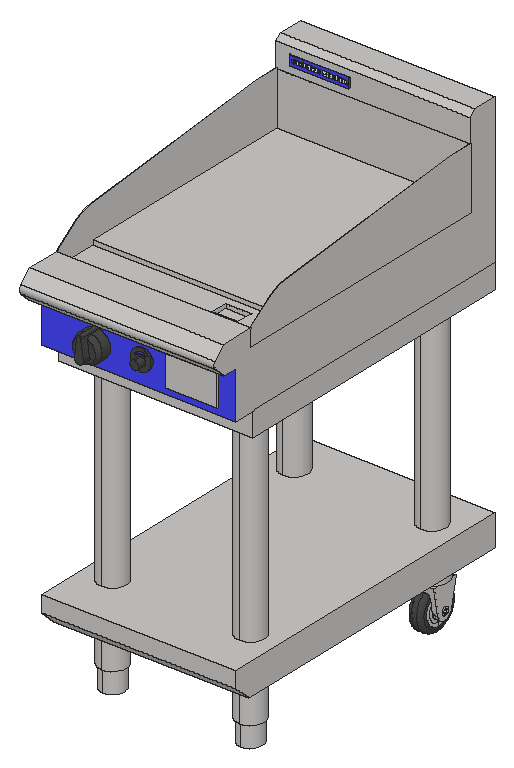
Revit family "QF_MOFFAT_BLUESEAL_CE_GP513-LS", category Specialty Equipment, Revit 2012
Parameters
  Weight in Pounds = 198  # constant formula
  URL Cutsheet = "www.moffat.com"
  URL = "www.moffat.com"
  Type Mark [instance] = ""
  Status [instance] = ""
  Specification by User [instance] = ""
  Specification by Manufacturer = ""
  Show Logo [instance] = yes
  Show Casters [instance] = yes
  Serial Number = ""
  Seismic Rating = ""
  SMACNA No = ""
  Revision Code [instance] = ""
  Omniclass Number and Title = ""
  NAFEM Spec ID Number = ""
  Model = "GP513-LS"
  Mechanical Remarks = ""
  Mechanical Connection Type = ""
  Masterspec = ""
  Manufacturer = "MOFFAT BLUESEAL"
  Legs [instance] = not(Show Casters)  # no
  Item Number [instance] = ""
  Installed By [instance] = ""
  Identify Quantity as Lot [instance] = yes
  Gas Size = 3/4"
  Gas RI Height [instance] = 0 mm
  Gas KW = 11.5
  Gas Input = 39250.0 Btu/h
  Gas Connection Height = 0 mm
  Furnished By [instance] = ""
  Foodservice Equipment Identifier [instance] = yes
  Description = "450MM GAS GRIDDLE PLATE ON LEG STAND"
  CSI MasterFormat = ""
  CSI Master Format = ""
  Base Height [instance] = 150 mm
Reference planes
  plane 1 "BACK": y = 0
  plane 2: z = 0
  plane 3 "LEFT": x = 0
  plane 4 "RIGHT": x = 450
  plane 5 "FRONT": y = -812
  plane 6 "TOP": z = 970
  plane 7 "Center Y": x = 225
  plane 8 "Center X": y = -406
  plane 9 "Base Height": z = 150
  plane 10: z = 915
  plane 11: y = -31
  plane 12: z = 710
  plane 13: x = 470
  plane 14: z = 1085
  plane 15: y = -625
  plane 16: y = -100
Forms (mm)
  Extrusion 1, solid, material "QF_Finishes_Stainless Steel"
    sketch origin (0, 0, 0) x (0, 1, 0) y (0, 0, 1)
      loop
        line (-749, 850) -> (-749, 740) -> (0, 740) -> (0, 1085) -> (-57.5, 1085) -> (-70, 1072.5) -> (-70, 875) -> (-705, 875) -> (-705, 915) -> (-783.97, 915) -> (-808.485, 890.485)
        arc (-808.485, 890.485) -> (-811.999, 882) -> (-808.485, 873.515) r 12
        line (-808.485, 873.515) -> (-784.97, 850) -> (-749, 850)
      loop
        line (0, 685) -> (0, 739.5) -> (-699, 739.5) -> (-699, 685) -> (0, 685)
      loop
        line (0, 222.5) -> (-749, 222.5) -> (-749, 186) -> (-713, 150) -> (0, 150) -> (0, 222.5)
    from 0 to 450
  Revolve 2, solid, material "QF_Finishes_Black"
    sketch origin (133.961, 7, 598.311) x (0, 1, 0) y (0, 0, -1)
      loop
        line (-789, -229.5) -> (-766, -229.5) -> (-766, -202) -> (-756, -202) -> (-756, -197) -> (-800, -197) -> (-800, -223.651) -> (-789, -229.5)
      axis (-800, -197) -> (-756, -197)
    angle from 0 to 360
  Extrusion 3, solid, material "QF_Finishes_Black"
    sketch origin (133.961, -759, 795.311) x (0, 0, 1) y (1, 0, 0)
      loop
        arc (32.192, -4.965) -> (37.079, 0.034) -> (32.192, 5.033) r 5
        line (32.192, 5.033) -> (-10.726, 10.453)
        arc (-10.726, 10.453) -> (-22.392, 0.618) -> (-11.893, -10.454) r 10.487
        line (-11.893, -10.454) -> (32.192, -4.965)
    from 0 to -49
  Extrusion 4, solid, material "QF_Finishes_Stainless Steel"
    sketch origin (0, 0, 222.5) x (0, -1, 0) y (1, 0, 0)
      loop
        circle (100, 65) r 31.75
      loop
        circle (625, 65) r 31.75
      loop
        circle (100, 384.371) r 31.75
      loop
        circle (625, 384.371) r 31.75
    from 0 to 462.5
  Revolve 5, solid, material "QF_Finishes_Stainless Steel", visible <- "Legs"
    sketch origin (65.5, -166, 0) x (0, 1, 0) y (0, 0, 1)
      loop
        line (34.25, 150) -> (34.25, 50) -> (38.5, 50) -> (38.5, 0) -> (66, 0) -> (66, 150) -> (34.25, 150)
      axis (66, 150) -> (66, 0)
    angle from 0 to 360
  Revolve 6, solid, material "QF_Finishes_Stainless Steel"
    sketch origin (65.5, -735, 0) x (0, 1, 0) y (0, 0, 1)
      loop
        line (78.25, 150) -> (78.25, 50) -> (82.5, 50) -> (82.5, 0) -> (110, 0) -> (110, 150) -> (78.25, 150)
      axis (110, 150) -> (110, 0)
    angle from 0 to 360
  Revolve 7, solid, material "QF_Finishes_Stainless Steel", visible <- "Legs"
    sketch origin (384.242, -166, 0) x (0, 1, 0) y (0, 0, -1)
      loop
        line (34.25, -150) -> (66, -150) -> (66, 0) -> (38.5, 0) -> (38.5, -50) -> (34.25, -50) -> (34.25, -150)
      axis (66, -150) -> (66, 0)
    angle from 0 to 360
  Revolve 8, solid, material "QF_Finishes_Stainless Steel"
    sketch origin (384.371, -728, 0) x (0, 1, 0) y (0, 0, -1)
      loop
        line (71.25, -150) -> (103, -150) -> (103, 0) -> (75.5, 0) -> (75.5, -50) -> (71.25, -50) -> (71.25, -150)
      axis (103, -150) -> (103, 0)
    angle from 0 to 360
  Revolve 9, solid, material "QF_Finishes_Stainless Steel", visible <- "Show Casters"
    sketch origin (16.276, -100.755, -13.653) x (1, 0, 0) y (0, 0, 1)
      loop
        line (14.841, 63.604) -> (83.584, 63.604) -> (83.584, 67.109) -> (82.314, 68.379) -> (80.79, 68.379) -> (80.79, 71.826) -> (68.644, 71.826) -> (68.644, 81.79) -> (65.088, 83.843) -> (63.738, 92.179) -> (65.881, 92.179) -> (65.881, 98.529) -> (65.088, 98.529) -> (65.088, 104.879)
        arc (65.088, 104.879) -> (62.298, 111.614) -> (55.563, 114.404) r 9.525
        line (55.563, 114.404) -> (42.863, 114.404)
        arc (42.863, 114.404) -> (36.127, 111.614) -> (33.338, 104.879) r 9.525
        line (33.338, 104.879) -> (33.338, 98.529) -> (32.544, 98.529) -> (32.544, 92.179) -> (34.687, 92.179) -> (33.352, 83.932) -> (29.782, 81.871) -> (29.782, 71.826) -> (17.635, 71.826) -> (17.635, 68.379) -> (16.111, 68.379) -> (14.841, 67.109) -> (14.841, 63.604)
      axis (14.841, 63.604) -> (83.584, 63.604)
    angle from 0 to 360
  Extrusion 10, solid, material "QF_Finishes_Stainless Steel", visible <- "Show Casters"
    sketch origin (72.001, 132.353, -8.783) x (0, 1, 0) y (0, 0, 1)
      loop
        line (-200.603, 118.783) -> (-264.103, 118.783) -> (-251.746, 53.895)
        arc (-251.746, 53.895) -> (-232.353, 38.783) -> (-212.959, 53.895) r 20
        line (-212.959, 53.895) -> (-200.603, 118.783)
    from -35.667 to 22.923
  Revolve 11, solid, material "QF_Finishes_Stainless Steel", visible <- "Show Casters"
    sketch origin (65.5, -204, 0) x (0, 1, 0) y (0, 0, 1)
      loop
        line (68.25, 150) -> (68.25, 110) -> (104, 110) -> (104, 150) -> (68.25, 150)
      axis (104, 150) -> (104, 110)
    angle from 0 to 360
  Revolve 12, solid, material "QF_Finishes_Stainless Steel", visible <- "Legs"
    sketch origin (65.5, -166, 0) x (0, 1, 0) y (0, 0, 1)
      loop
        line (34.25, 150) -> (34.25, 50) -> (38.5, 50) -> (38.5, 0) -> (66, 0) -> (66, 150) -> (34.25, 150)
      axis (66, 150) -> (66, 0)
    angle from 0 to 360
  Revolve 13, solid, material "QF_Finishes_Stainless Steel", visible <- "Show Casters"
    sketch origin (335.019, -100.755, -13.653) x (1, 0, 0) y (0, 0, 1)
      loop
        line (14.841, 63.604) -> (83.584, 63.604) -> (83.584, 67.109) -> (82.314, 68.379) -> (80.79, 68.379) -> (80.79, 71.826) -> (68.644, 71.826) -> (68.644, 81.79) -> (65.088, 83.843) -> (63.738, 92.179) -> (65.881, 92.179) -> (65.881, 98.529) -> (65.088, 98.529) -> (65.088, 104.879)
        arc (65.088, 104.879) -> (62.298, 111.614) -> (55.563, 114.404) r 9.525
        line (55.563, 114.404) -> (42.863, 114.404)
        arc (42.863, 114.404) -> (36.127, 111.614) -> (33.338, 104.879) r 9.525
        line (33.338, 104.879) -> (33.338, 98.529) -> (32.544, 98.529) -> (32.544, 92.179) -> (34.687, 92.179) -> (33.352, 83.932) -> (29.782, 81.871) -> (29.782, 71.826) -> (17.635, 71.826) -> (17.635, 68.379) -> (16.111, 68.379) -> (14.841, 67.109) -> (14.841, 63.604)
      axis (83.584, 63.604) -> (14.841, 63.604)
    angle from 0 to 360
  Extrusion 14, solid, material "QF_Finishes_Stainless Steel", visible <- "Show Casters"
    sketch origin (390.743, 132.353, -8.783) x (0, 1, 0) y (0, 0, 1)
      loop
        line (-200.603, 118.783) -> (-264.103, 118.783) -> (-251.746, 53.895)
        arc (-251.746, 53.895) -> (-232.353, 38.783) -> (-212.959, 53.895) r 20
        line (-212.959, 53.895) -> (-200.603, 118.783)
    from -35.667 to 22.923
  Revolve 15, solid, material "QF_Finishes_Stainless Steel", visible <- "Show Casters"
    sketch origin (384.242, -204, 0) x (0, 1, 0) y (0, 0, 1)
      loop
        line (68.25, 150) -> (68.25, 110) -> (104, 110) -> (104, 150) -> (68.25, 150)
      axis (104, 150) -> (104, 110)
    angle from 0 to 360
  Extrusion 16, solid, material "QF_Finishes_Black"
    sketch origin (-1.25, -749, 864.021) x (0, 0, -1) y (1, 0, 0)
      loop
        circle (70, 235) r 24
      loop
        arc (60.1, 249.913) -> (52.064, 235.125) -> (59.882, 220.219) r 17.868
        arc (59.882, 220.219) -> (60.362, 219.934) -> (60.877, 220.149) r 0.621
        arc (60.877, 220.149) -> (62.314, 222.708) -> (62.658, 225.622) r 7.495
        arc (62.658, 225.622) -> (62.454, 226.55) -> (62.006, 227.388) r 3.472
        arc (62.006, 227.388) -> (59.714, 234.851) -> (61.844, 242.362) r 13.786
        arc (61.844, 242.362) -> (62.484, 243.632) -> (62.749, 245.028) r 5.101
        arc (62.749, 245.028) -> (62.378, 247.547) -> (61.084, 249.739) r 6.611
        arc (61.084, 249.739) -> (60.622, 249.997) -> (60.1, 249.913) r 0.806
    from 0 to 5
  Extrusion 17, solid, material "QF_Finishes_Black"
    sketch origin (-1.25, -754, 864.021) x (0, 0, -1) y (1, 0, 0)
      loop
        circle (73.5, 235) r 10
    from 0 to 18.251
  Extrusion 18, solid, material "QF_Finishes_Stainless Steel"
    sketch origin (450, -749, 867.771) x (0, 0, -1) y (1, 0, 0)
      loop
        line (26.5, -161) -> (113.5, -161) -> (113.5, -42) -> (26.5, -42) -> (26.5, -161)
    from 0 to 2.5
  Extrusion 19, solid, material "QF_Finishes_Stainless Steel"
    sketch origin (450, 0, 1.771) x (0, -1, 0) y (0, 0, 1)
      loop
        line (751.5, 839.5) -> (751.5, 837) -> (769.695, 837) -> (769.695, 839.5) -> (751.5, 839.5)
    from 42 to 161
  Extrusion 20, solid, material "QF_Finishes_Stainless Steel"
    sketch origin (0, 0, 0) x (1, 0, 0) y (0, 1, 0)
      loop
        circle (320, -31) r 9.525
    from 655 to 685
Lines and regions (mm)
  symbolic lines, style "SpecialityEquipmentHiddenLines", visible <- "Show Casters"
    curve 1: line (78.456, -46.735, 0) -> (105.952, -62.61, 0)
    curve 2: line (27.656, -134.723, 0) -> (78.456, -46.735, 0)
    curve 3: line (55.152, -150.598, 0) -> (27.656, -134.723, 0)
    curve 4: line (105.952, -62.61, 0) -> (55.152, -150.598, 0)
    curve 20: line (397.198, -46.735, 0) -> (424.694, -62.61, 0)
    curve 21: line (346.398, -134.723, 0) -> (397.198, -46.735, 0)
    curve 22: line (373.894, -150.598, 0) -> (346.398, -134.723, 0)
    curve 23: line (424.694, -62.61, 0) -> (373.894, -150.598, 0)
  symbolic lines
    curve 5: line (421.959, -18.385, 0) -> (44, -18.385, 0)
    curve 6: arc (44, -18.385, 0) -> (35.34, -23.385, 0) -> (35.34, -33.385, 0) r 10
    curve 7: line (35.34, -33.385, 0) -> (39.381, -40.385, 0)
    curve 8: arc (39.381, -40.385, 0) -> (43.041, -44.045, 0) -> (48.041, -45.385, 0) r 10
    curve 9: line (48.041, -45.385, 0) -> (426, -45.385, 0)
    curve 10: arc (426, -45.385, 0) -> (434.66, -40.385, 0) -> (434.66, -30.385, 0) r 10
    curve 11: line (434.66, -30.385, 0) -> (430.619, -23.385, 0)
    curve 12: arc (430.619, -23.385, 0) -> (426.959, -19.725, 0) -> (421.959, -18.385, 0) r 10
    curve 13: line (0, -783.97, 0) -> (450, -783.97, 0)
    curve 14: line (0, 0, 0) -> (0, -811.999, 0)
    curve 15: line (450, -811.999, 0) -> (450, 0, 0)
    curve 16: line (450, -811.999, 0) -> (0, -811.999, 0)
    curve 17: line (0, -70, 0) -> (450, -70, 0)
    curve 18: line (0, -57.5, 0) -> (450, -57.5, 0)
    curve 19: line (450, 0, 0) -> (0, 0, 0)
Dimensions and locks
  equal spacing: plane 3 "LEFT", plane 7 "Center Y", plane 4 "RIGHT"
  plane 3 "LEFT" to plane 4 "RIGHT" = 450 mm
  equal spacing: plane 5 "FRONT", plane 8 "Center X", plane 1 "BACK"
  plane 5 "FRONT" to plane 1 "BACK" = 812 mm  (x2)
  equal spacing: plane 4 "RIGHT", plane 7 "Center Y", plane 3 "LEFT"
  plane 4 "RIGHT" to plane 3 "LEFT" = 450 mm
  "Base Height": plane 9 "Base Height" to level
  plane 6 "TOP" to level = 970 mm
  plane 10 to level = 915 mm
  plane 11 to plane 1 "BACK" = 31 mm
  plane 12 to level = 710 mm
  plane 4 "RIGHT" to plane 13 = 20 mm
  plane 14 to plane 2 = 1085 mm
  Revolve 9 sketch curve to Revolve 9 sketch curve = 50.8 mm
  Revolve 13 sketch curve to Revolve 13 sketch curve = 50.8 mm
  Extrusion 20 sketch curve to plane 4 "RIGHT" = 130 mm
  aligned and locked: level to plane 2
Automatic sketch dimensions
  plane 10 to Extrusion 1 sketch curve = 0 mm
  Extrusion 1 sketch curve to plane 9 "Base Height" = 0 mm
  plane 14 to Extrusion 1 sketch curve = 0 mm
  Extrusion 1 sketch curve to plane 1 "BACK" = 0 mm  (x3)
  Extrusion 1 sketch curve to plane 11 = 26.5 mm
  plane 14 to Extrusion 1 sketch curve = 12.5 mm
  Extrusion 1 sketch curve to Extrusion 1 sketch curve = 12.5 mm
  Extrusion 1 sketch curve to plane 12 = 25 mm
  Extrusion 1 sketch curve to plane 5 "FRONT" = 113 mm
  Extrusion 1 sketch curve to plane 5 "FRONT" = 107 mm
  Extrusion 1 sketch curve to plane 5 "FRONT" = 99 mm
  Extrusion 1 sketch curve to Extrusion 1 sketch curve = 44 mm
  Extrusion 1 sketch curve to Extrusion 1 sketch curve = 36 mm
  Extrusion 1 sketch curve to plane 5 "FRONT" = 28.03 mm
  Extrusion 1 sketch curve to plane 5 "FRONT" = 27.03 mm
  Extrusion 1 sketch curve to plane 5 "FRONT" = 12.001 mm
  Extrusion 1 sketch curve to plane 5 "FRONT" = 3.515 mm  (x2)
  plane 9 "Base Height" to Extrusion 1 sketch curve = 36 mm
  plane 9 "Base Height" to Extrusion 1 sketch curve = 72.5 mm
  plane 12 to Extrusion 1 sketch curve = 29.5 mm
  Extrusion 1 sketch curve to Extrusion 1 sketch curve = 0.5 mm
  plane 10 to Extrusion 1 sketch curve = 65 mm
  Extrusion 1 sketch curve to Extrusion 1 sketch curve = 23.515 mm
  plane 10 to Extrusion 1 sketch curve = 40 mm
  Extrusion 1 sketch curve to Extrusion 1 sketch curve = 8.485 mm
  Revolve 2 sketch curve to plane 5 "FRONT" = 19 mm
  Revolve 2 sketch curve to Revolve 2 sketch curve = 0 mm  (x2)
  Revolve 2 sketch curve to Revolve 2 sketch curve = 11 mm
  Revolve 2 sketch curve to Revolve 2 sketch curve = 12.7 mm
  Revolve 2 sketch curve to Revolve 2 sketch curve = 23 mm
  Revolve 2 sketch curve to Revolve 2 sketch curve = 10 mm
  plane 10 to Revolve 2 sketch curve = 87.189 mm
  Revolve 2 sketch curve to Revolve 2 sketch curve = 5.849 mm
  Revolve 2 sketch curve to Revolve 2 sketch curve = 27.5 mm
  Revolve 2 sketch curve to Revolve 2 sketch curve = 5 mm
  Extrusion 4 sketch curve to Extrusion 4 sketch curve = 0 mm  (x8)
  Extrusion 1 to Extrusion 4 sketch curve = 68.25 mm  (x2)
  Extrusion 4 sketch curve to Extrusion 4 sketch curve = 31.75 mm  (x4)
  Extrusion 4 sketch curve to Extrusion 1 = 155.75 mm  (x2)
  Extrusion 1 to Extrusion 4 sketch curve = 65 mm  (x2)
  Extrusion 1 to Extrusion 4 sketch curve = 65.629 mm  (x2)
  Revolve 5 sketch curve to plane 9 "Base Height" = 0 mm
  Revolve 5 sketch curve to level = 0 mm
  Revolve 5 sketch curve to plane 11 = 100.75 mm
  Revolve 5 sketch curve to Revolve 5 sketch curve = 4.25 mm
  Revolve 5 sketch curve to Revolve 5 sketch curve = 27.5 mm  (x2)
  Revolve 5 sketch curve to Revolve 5 sketch curve = 55 mm
  level to Revolve 5 sketch curve = 50 mm
  Revolve 5 sketch curve to Revolve 5 sketch curve = 0 mm
  Revolve 6 sketch curve to plane 9 "Base Height" = 0 mm
  Revolve 6 sketch curve to level = 0 mm
  level to Revolve 6 sketch curve = 50 mm
  Revolve 6 sketch curve to plane 5 "FRONT" = 155.25 mm
  Revolve 6 sketch curve to Revolve 6 sketch curve = 4.25 mm
  Revolve 6 sketch curve to Revolve 6 sketch curve = 27.5 mm  (x2)
  Revolve 6 sketch curve to Revolve 6 sketch curve = 55 mm
  Revolve 6 sketch curve to Revolve 6 sketch curve = 0 mm
  Revolve 7 sketch curve to plane 9 "Base Height" = 0 mm
  Revolve 7 sketch curve to level = 0 mm
  Revolve 7 sketch curve to plane 11 = 100.75 mm
  Revolve 7 sketch curve to Revolve 7 sketch curve = 4.25 mm
  Revolve 7 sketch curve to Revolve 7 sketch curve = 27.5 mm  (x2)
  level to Revolve 7 sketch curve = 50 mm
  Revolve 7 sketch curve to Revolve 7 sketch curve = 0 mm
  Revolve 7 sketch curve to Revolve 7 sketch curve = 55 mm
  Revolve 8 sketch curve to plane 9 "Base Height" = 0 mm
  Revolve 8 sketch curve to level = 0 mm
  level to Revolve 8 sketch curve = 50 mm
  Revolve 8 sketch curve to plane 5 "FRONT" = 155.25 mm
  Revolve 8 sketch curve to Revolve 8 sketch curve = 4.25 mm
  Revolve 8 sketch curve to Revolve 8 sketch curve = 27.5 mm  (x2)
  Revolve 8 sketch curve to Revolve 8 sketch curve = 0 mm
  Revolve 8 sketch curve to Revolve 8 sketch curve = 55 mm
  plane 3 "LEFT" to Revolve 9 sketch curve = 31.118 mm
  Revolve 9 sketch curve to Revolve 9 sketch curve = 1.27 mm  (x4)
  Revolve 9 sketch curve to Revolve 9 sketch curve = 1.524 mm  (x2)
  Revolve 9 sketch curve to Revolve 9 sketch curve = 12.146 mm  (x2)
  Revolve 9 sketch curve to Revolve 9 sketch curve = 2.762 mm
  Revolve 9 sketch curve to Revolve 9 sketch curve = 0.794 mm  (x2)
  Revolve 9 sketch curve to Revolve 9 sketch curve = 3.57 mm
  Revolve 9 sketch curve to Revolve 9 sketch curve = 2.143 mm
  Revolve 9 sketch curve to Revolve 9 sketch curve = 9.525 mm
  Revolve 9 sketch curve to Revolve 9 sketch curve = 24.572 mm
  Revolve 9 sketch curve to Revolve 9 sketch curve = 12.7 mm
  Revolve 9 sketch curve to Revolve 9 sketch curve = 8.176 mm
  Revolve 9 sketch curve to Revolve 9 sketch curve = 1.349 mm  (x2)
  Revolve 9 sketch curve to Revolve 9 sketch curve = 3.556 mm
  Revolve 9 sketch curve to Revolve 9 sketch curve = 33.32 mm
  level to Revolve 9 sketch curve = 49.952 mm
  Revolve 9 sketch curve to Revolve 9 sketch curve = 0 mm
  Revolve 9 sketch curve to Revolve 9 sketch curve = 3.505 mm  (x2)
  Revolve 9 sketch curve to Revolve 9 sketch curve = 3.447 mm  (x2)
  Revolve 9 sketch curve to Revolve 9 sketch curve = 9.964 mm
  Revolve 9 sketch curve to Revolve 9 sketch curve = 10.045 mm
  Revolve 9 sketch curve to Revolve 9 sketch curve = 2.053 mm
  Revolve 9 sketch curve to Revolve 9 sketch curve = 2.061 mm
  Revolve 9 sketch curve to Revolve 9 sketch curve = 8.247 mm
  Revolve 9 sketch curve to Revolve 9 sketch curve = 8.336 mm
  Revolve 9 sketch curve to Revolve 9 sketch curve = 6.35 mm  (x2)
  Extrusion 10 sketch curve to plane 9 "Base Height" = 40 mm
  Extrusion 10 sketch curve to plane 11 = 100.75 mm
  Extrusion 10 sketch curve to Extrusion 10 sketch curve = 12.357 mm
  Extrusion 10 sketch curve to Extrusion 10 sketch curve = 19.393 mm  (x2)
  level to Extrusion 10 sketch curve = 45.111 mm
  Extrusion 10 sketch curve to plane 11 = 37.25 mm
  Extrusion 10 sketch curve to Extrusion 10 sketch curve = 4.889 mm
  Revolve 11 sketch curve to plane 9 "Base Height" = 0 mm
  Revolve 11 sketch curve to plane 9 "Base Height" = 40 mm
  Revolve 11 sketch curve to plane 11 = 104.75 mm
  Revolve 11 sketch curve to plane 11 = 69 mm
  Revolve 11 sketch curve to Revolve 11 sketch curve = 35.75 mm
  level to Revolve 11 sketch curve = 50 mm
  Revolve 11 sketch curve to level = 55 mm
  Revolve 12 sketch curve to plane 9 "Base Height" = 0 mm
  Revolve 12 sketch curve to level = 0 mm
  Revolve 12 sketch curve to plane 11 = 100.75 mm
  Revolve 12 sketch curve to Revolve 12 sketch curve = 4.25 mm
  Revolve 12 sketch curve to Revolve 12 sketch curve = 27.5 mm  (x2)
  Revolve 12 sketch curve to level = 55 mm
  Revolve 12 sketch curve to Revolve 12 sketch curve = 50 mm
  Revolve 12 sketch curve to Revolve 12 sketch curve = 0 mm
  Revolve 13 sketch curve to plane 13 = 120.14 mm
  Revolve 13 sketch curve to Revolve 13 sketch curve = 1.27 mm  (x4)
  Revolve 13 sketch curve to Revolve 13 sketch curve = 1.524 mm  (x2)
  Revolve 13 sketch curve to Revolve 13 sketch curve = 12.146 mm  (x2)
  Revolve 13 sketch curve to Revolve 13 sketch curve = 2.762 mm
  Revolve 13 sketch curve to Revolve 13 sketch curve = 0.794 mm  (x2)
  Revolve 13 sketch curve to Revolve 13 sketch curve = 3.57 mm
  Revolve 13 sketch curve to Revolve 13 sketch curve = 2.143 mm
  Revolve 13 sketch curve to Revolve 13 sketch curve = 9.525 mm
  Revolve 13 sketch curve to Revolve 13 sketch curve = 24.572 mm
  Revolve 13 sketch curve to Revolve 13 sketch curve = 12.7 mm
  Revolve 13 sketch curve to Revolve 13 sketch curve = 8.176 mm
  Revolve 13 sketch curve to Revolve 13 sketch curve = 1.349 mm  (x2)
  Revolve 13 sketch curve to Revolve 13 sketch curve = 3.556 mm
  plane 4 "RIGHT" to Revolve 13 sketch curve = 148.077 mm
  level to Revolve 13 sketch curve = 49.952 mm
  Revolve 13 sketch curve to Revolve 13 sketch curve = 0 mm
  Revolve 13 sketch curve to Revolve 13 sketch curve = 3.505 mm  (x2)
  Revolve 13 sketch curve to Revolve 13 sketch curve = 3.447 mm  (x2)
  Revolve 13 sketch curve to Revolve 13 sketch curve = 9.964 mm
  Revolve 13 sketch curve to Revolve 13 sketch curve = 10.045 mm
  Revolve 13 sketch curve to Revolve 13 sketch curve = 2.053 mm
  Revolve 13 sketch curve to Revolve 13 sketch curve = 2.061 mm
  Revolve 13 sketch curve to Revolve 13 sketch curve = 8.247 mm
  Revolve 13 sketch curve to Revolve 13 sketch curve = 8.336 mm
  Revolve 13 sketch curve to Revolve 13 sketch curve = 6.35 mm  (x2)
  Extrusion 14 sketch curve to plane 9 "Base Height" = 40 mm
  Extrusion 14 sketch curve to plane 11 = 100.75 mm
  Extrusion 14 sketch curve to Extrusion 14 sketch curve = 12.357 mm
  Extrusion 14 sketch curve to Extrusion 14 sketch curve = 19.393 mm  (x2)
  level to Extrusion 14 sketch curve = 45.111 mm
  Extrusion 14 sketch curve to plane 11 = 37.25 mm
  Extrusion 14 sketch curve to Extrusion 14 sketch curve = 4.889 mm
  Revolve 15 sketch curve to plane 9 "Base Height" = 0 mm
  Revolve 15 sketch curve to plane 9 "Base Height" = 40 mm
  Revolve 15 sketch curve to plane 11 = 104.75 mm
  Revolve 15 sketch curve to plane 11 = 69 mm
  Revolve 15 sketch curve to Revolve 15 sketch curve = 35.75 mm
  level to Revolve 15 sketch curve = 50 mm
  Revolve 15 sketch curve to level = 55 mm
  Extrusion 3 sketch curve to Revolve 2 = 0.034 mm  (x2)
  Revolve 2 to Extrusion 3 sketch curve = 10.454 mm
  Extrusion 3 sketch curve to Extrusion 3 sketch curve = 0.028 mm
  Extrusion 3 sketch curve to Revolve 2 = 10.453 mm
  Extrusion 3 sketch curve to Extrusion 3 sketch curve = 44 mm
  Extrusion 3 sketch curve to Revolve 2 = 5.033 mm
  Extrusion 3 sketch curve to Extrusion 3 sketch curve = 0.113 mm
  Revolve 2 to Extrusion 3 sketch curve = 4.965 mm
  Extrusion 16 sketch curve to plane 7 "Center Y" = 1.223 mm
  plane 9 "Base Height" to Extrusion 16 sketch curve = 658.834 mm
  Extrusion 16 sketch curve to Extrusion 16 sketch curve = 0.958 mm
  Extrusion 16 sketch curve to Extrusion 16 sketch curve = 1.509 mm
  Extrusion 16 sketch curve to Extrusion 16 sketch curve = 4.01 mm
  Extrusion 16 sketch curve to Extrusion 16 sketch curve = 0.685 mm
  Extrusion 16 sketch curve to Extrusion 16 sketch curve = 2.447 mm
  Extrusion 16 sketch curve to Extrusion 16 sketch curve = 0.524 mm
  Extrusion 16 sketch curve to Extrusion 16 sketch curve = 0.381 mm
  Extrusion 16 sketch curve to Extrusion 16 sketch curve = 0.472 mm
  Extrusion 16 sketch curve to Extrusion 16 sketch curve = 0 mm  (x4)
  Extrusion 16 sketch curve to Extrusion 16 sketch curve = 0.602 mm
  Extrusion 16 sketch curve to Extrusion 16 sketch curve = 4.19 mm
  plane 7 "Center Y" to Extrusion 16 sketch curve = 1.138 mm
  Extrusion 16 sketch curve to Extrusion 16 sketch curve = 2.809 mm
  Extrusion 16 sketch curve to plane 7 "Center Y" = 0.628 mm
  Extrusion 16 sketch curve to Extrusion 16 sketch curve = 0.652 mm
  Extrusion 16 sketch curve to Extrusion 16 sketch curve = 0.905 mm
  Extrusion 16 sketch curve to Extrusion 16 sketch curve = 8.087 mm
  Extrusion 16 sketch curve to Extrusion 16 sketch curve = 0.069 mm
  Extrusion 16 sketch curve to Extrusion 16 sketch curve = 3.5 mm
  plane 7 "Center Y" to Extrusion 16 sketch curve = 8.743 mm
  Extrusion 16 sketch curve to Extrusion 16 sketch curve = 0.007 mm
  plane 4 "RIGHT" to Extrusion 18 sketch curve = 42 mm
  plane 9 "Base Height" to Extrusion 18 sketch curve = 691.271 mm
  plane 9 "Base Height" to Extrusion 18 sketch curve = 604.271 mm
  plane 7 "Center Y" to Extrusion 18 sketch curve = 64 mm
  Extrusion 19 sketch curve to plane 5 "FRONT" = 60.5 mm
  Extrusion 19 sketch curve to Extrusion 19 sketch curve = 18.195 mm
  plane 9 "Base Height" to Extrusion 19 sketch curve = 688.771 mm
  Extrusion 19 sketch curve to Extrusion 19 sketch curve = 2.5 mm
  Extrusion 20 sketch curve to plane 11 = 0 mm
  curve 13 to plane 3 "LEFT" = 0 mm
  plane 1 "BACK" to curve 19 = 0 mm
  curve 19 to plane 4 "RIGHT" = 0 mm
  plane 3 "LEFT" to curve 2 = 27.656 mm
  curve 7 to plane 11 = 2.385 mm
  plane 3 "LEFT" to curve 7 = 35.34 mm
  curve 7 to plane 11 = 9.385 mm
  curve 7 to curve 7 = 4.041 mm
  plane 11 to curve 6 = 2.615 mm
  curve 7 to curve 6 = 8.66 mm
  curve 6 to curve 8 = 4.041 mm
  curve 2 to curve 3 = 27.496 mm
  curve 1 to plane 11 = 15.735 mm
  curve 8 to curve 1 = 30.414 mm
  plane 16 to curve 22 = 34.723 mm
  plane 4 "RIGHT" to curve 22 = 103.602 mm
  plane 16 to curve 22 = 50.598 mm
  curve 21 to curve 22 = 27.496 mm
  curve 21 to plane 11 = 15.735 mm
  plane 4 "RIGHT" to curve 5 = 28.041 mm
  curve 20 to curve 9 = 1.306 mm
  plane 11 to curve 11 = 7.615 mm
  curve 5 to curve 11 = 8.66 mm
  plane 11 to curve 10 = 0.615 mm
  curve 11 to curve 10 = 4.041 mm
  plane 16 to curve 4 = 50.598 mm
  curve 13 to plane 5 "FRONT" = 28.03 mm
  curve 16 to plane 5 "FRONT" = 0.001 mm
  curve 17 to plane 16 = 30 mm
  curve 17 to curve 18 = 12.5 mm
  curve 8 to curve 7 = 5 mm
  radius of Extrusion 16 sketch curve = 24 mm
  radius of Extrusion 17 sketch curve to Extrusion 16 = 3.786 mm
  radius of Extrusion 20 sketch curve = 9.525 mm
Nested families
  nested 1: "WALDORF LOGO_FACE BASE" at (32, -70, 1057.475) x (1, 0, 0) z (0, -1, 0), visible <- "Show Logo", type "WALDORF LOGO_FACE BASE", detail levels medium+fine
    with Show Logo yes
  nested 2: "GAS GRIDDLE PLATE 450" at (0, -70, 874.5), type "GAS GRIDDLE PLATE 450"
    with Width 450 mm, Type Mark "", Status "", Specification by User "", Show Clearance yes, Revision Code "", Number of Poles 1, Mechanical Remarks "", Mechanical Connection Type "", Item Number "", Installed By "", Identify Quantity as Lot yes, Gas RI Height 0 mm, Gas KW 0, Gas Input 0.0 Btu/h, Furnished By "", Foodservice Equipment Identifier yes, Electrical Remarks "", Electric Connection Type "", Elec Conn RI Height 0 mm, Elec Conn Connection Height 0 mm, Depth 635 mm
Connectors
  piping at (320, -31, 655)
    settings: on Extrusion 20, index 1, connector radius 0.37402", flow factor 0, pipe flow 0 GPM, pressure drop 0.00 psi, fitting loss kfactor 0, connector angle 0.00°, fixture units 0, engagement length 0 mm, flow configuration 1, flow direction 1, fitting loss method 0, system type 7, joint type 0, gender type 0, connector reference index -1, connector utility 0, adjustable connector no, is connector primary yes, fitting loss table "", connector description "GAS CONNECTION"
Definition of nested family "WALDORF LOGO_FACE BASE"
  Parameters (values of type "WALDORF LOGO_FACE BASE")
    Show Logo [instance] = yes
    Default Elevation = 1219.2 mm
  Reference planes
    plane 1 "Center (Front/Back)": y = 0
    plane 2: z = 0
    plane 3 "Center (Left/Right)": x = 0
  Forms (mm)
    Extrusion 1, solid
      sketch origin (0, 0, 0) x (1, 0, 0) y (0, 1, 0)
        loop
          line (-1219.2, 1219.2) -> (-1219.2, -1219.2) -> (1219.2, -1219.2) -> (1219.2, 1219.2) -> (-1219.2, 1219.2)
      from 0 to -304.8
    Extrusion 2, solid, material "QF_Finishes_Blue", visible <- "Show Logo"
      sketch origin (0, -33.217, 0) x (1, 0, 0) y (0, 1, 0)
        loop
          arc (138, 31.942) -> (137.626, 32.844) -> (136.724, 33.217) r 1.276
          line (136.724, 33.217) -> (1.29, 33.217)
          arc (1.29, 33.217) -> (0.378, 32.839) -> (0, 31.927) r 1.29
          line (0, 31.927) -> (0, 11.507)
          arc (0, 11.507) -> (0.378, 10.595) -> (1.29, 10.217) r 1.29
          line (1.29, 10.217) -> (136.71, 10.217)
          arc (136.71, 10.217) -> (137.622, 10.595) -> (138, 11.507) r 1.29
          line (138, 11.507) -> (138, 31.942)
      from 0 to 1.588
    Extrusion 3, solid, material "QF_Finishes_White", visible <- "Show Logo"
      sketch origin (0, -33.217, 1.588) x (1, 0, 0) y (0, 1, 0)
        loop
          arc (108.946, 25.919) -> (107.613, 25.367) -> (107.061, 24.034) r 1.885
          line (107.061, 24.034) -> (107.061, 17.211) -> (112.704, 17.211) -> (112.704, 19.129) -> (115.546, 19.129) -> (115.546, 17.211) -> (121.584, 17.211) -> (121.584, 24.075)
          arc (121.584, 24.075) -> (121.043, 25.379) -> (119.739, 25.919) r 1.845
          line (119.739, 25.919) -> (108.946, 25.919)
        loop
          line (123.478, 25.919) -> (123.478, 17.163) -> (134.904, 17.163) -> (134.904, 19.129) -> (129.246, 19.129) -> (129.246, 25.919) -> (123.478, 25.919)
        loop
          line (112.704, 21.258) -> (115.546, 21.258) -> (115.546, 22.702)
          arc (115.546, 22.702) -> (115.344, 23.188) -> (114.858, 23.389) r 0.687
          line (114.858, 23.389) -> (113.363, 23.389)
          arc (113.363, 23.389) -> (112.897, 23.196) -> (112.704, 22.73) r 0.658
          line (112.704, 22.73) -> (112.704, 21.258)
        loop
          line (105.071, 25.919) -> (93.771, 25.919) -> (93.771, 17.163) -> (105.071, 17.163) -> (105.071, 19.063) -> (99.535, 19.063) -> (99.535, 20.437) -> (105.071, 20.437) -> (105.071, 22.278) -> (99.535, 22.278) -> (99.535, 23.587) -> (105.071, 23.587) -> (105.071, 25.919)
        loop
          line (91.104, 25.919) -> (79.541, 25.919)
          arc (79.541, 25.919) -> (78.558, 25.513) -> (78.152, 24.53) r 1.389
          line (78.152, 24.53) -> (78.152, 22.08)
          arc (78.152, 22.08) -> (78.558, 21.098) -> (79.541, 20.691) r 1.389
          line (79.541, 20.691) -> (86.346, 20.691) -> (86.346, 18.864) -> (83.266, 18.864) -> (83.266, 19.664) -> (78.152, 19.664) -> (78.152, 18.553)
          arc (78.152, 18.553) -> (78.558, 17.57) -> (79.541, 17.163) r 1.389
          line (79.541, 17.163) -> (91.063, 17.163)
          arc (91.063, 17.163) -> (92.045, 17.57) -> (92.452, 18.553) r 1.389
          line (92.452, 18.553) -> (92.452, 20.691)
          arc (92.452, 20.691) -> (92.045, 21.673) -> (91.063, 22.08) r 1.389
          line (91.063, 22.08) -> (83.266, 22.08) -> (83.266, 23.984) -> (86.346, 23.984) -> (86.346, 22.743) -> (92.452, 22.743) -> (92.452, 24.571)
          arc (92.452, 24.571) -> (92.057, 25.524) -> (91.104, 25.919) r 1.348
        loop
          line (70.705, 25.919) -> (59.405, 25.919) -> (59.405, 17.163) -> (70.705, 17.163) -> (70.705, 19.063) -> (65.169, 19.063) -> (65.169, 20.437) -> (70.705, 20.437) -> (70.705, 22.278) -> (65.169, 22.278) -> (65.169, 23.587) -> (70.705, 23.587) -> (70.705, 25.919)
        loop
          line (57.598, 25.919) -> (51.7, 25.919) -> (51.7, 20.18)
          arc (51.7, 20.18) -> (50.63, 19.11) -> (49.56, 20.18) r 1.07
          line (49.56, 20.18) -> (49.56, 25.919) -> (43.663, 25.919) -> (43.663, 19.049)
          arc (43.663, 19.049) -> (44.215, 17.716) -> (45.548, 17.163) r 1.885
          line (45.548, 17.163) -> (55.71, 17.163)
          arc (55.71, 17.163) -> (57.045, 17.716) -> (57.598, 19.051) r 1.887
          line (57.598, 19.051) -> (57.598, 25.919)
        loop
          line (31.62, 25.919) -> (31.62, 17.163) -> (43.046, 17.163) -> (43.046, 19.129) -> (37.388, 19.129) -> (37.388, 25.919) -> (31.62, 25.919)
        loop
          line (15.969, 25.919) -> (15.969, 17.163) -> (28.693, 17.163)
          arc (28.693, 17.163) -> (29.812, 17.627) -> (30.276, 18.746) r 1.582
          line (30.276, 18.746) -> (30.276, 20.447) -> (29.48, 21.243) -> (30.276, 22.039) -> (30.276, 24.332)
          arc (30.276, 24.332) -> (29.811, 25.454) -> (28.688, 25.919) r 1.587
          line (28.688, 25.919) -> (15.969, 25.919)
        loop
          line (21.449, 24.159) -> (21.449, 22.436) -> (23.862, 22.436)
          arc (23.862, 22.436) -> (24.723, 23.298) -> (23.862, 24.159) r 0.861
          line (23.862, 24.159) -> (21.449, 24.159)
        loop
          line (21.449, 20.244) -> (21.449, 18.522) -> (23.862, 18.522)
          arc (23.862, 18.522) -> (24.723, 19.383) -> (23.862, 20.244) r 0.861
          line (23.862, 20.244) -> (21.449, 20.244)
      from 0 to 0.2
    Extrusion 4, solid, material "QF_Finishes_Blue", visible <- "Show Logo"
      sketch origin (-126.498, -31.09, 1.588) x (1, 0, 0) y (0, 1, 0)
        loop
          line (136.738, 23.522) -> (136.738, 15.1)
          arc (136.738, 15.1) -> (140.756, 19.311) -> (136.738, 23.522) r 4.216
      from 0 to 0.2
    Extrusion 5, solid, material "QF_Finishes_Red", visible <- "Show Logo"
      sketch origin (146.849, -31.09, 1.588) x (-1, 0, 0) y (0, -1, 0)
        loop
          arc (136.738, -23.522) -> (140.756, -19.311) -> (136.738, -15.1) r 4.216
          line (136.738, -15.1) -> (136.738, -23.522)
      from 0 to 0.2
  Lines and regions (mm)
    Split face 1
      outline origin (-90.35, -30.793, 1.588) x (1, 0, 0) y (0, 1, 0)
        loop
          circle (100.54, 19.013) r 4.536
  Dimensions and locks
    aligned and locked: plane 2 to Extrusion 1
    aligned and locked: level to Extrusion 1
Definition of nested family "GAS GRIDDLE PLATE 450"
  Parameters (values of type "GAS GRIDDLE PLATE 450")
    Width [instance] = 450 mm
    Weight in Pounds = 0
    Watts = 0 W
    Volts = 0 V
    URL Cutsheet = ""
    Type Mark [instance] = ""
    Status [instance] = ""
    Specification by User [instance] = ""
    Specification by Manufacturer = ""
    Show Clearance [instance] = yes
    Serial Number = ""
    Seismic Rating = ""
    SMACNA No = ""
    Revision Code [instance] = ""
    Phase = 1
    Omniclass Number and Title = ""
    Number of Poles [instance] = 1
    NAFEM Spec ID Number = ""
    Min Ckt Ampacity = 0 A
    Mechanical Remarks [instance] = ""
    Mechanical Connection Type [instance] = ""
    Max Overcurrent Protection = 0 A
    Masterspec = ""
    Item Number [instance] = ""
    Installed By [instance] = ""
    Identify Quantity as Lot [instance] = yes
    HP = ""
    Gas Size = 0"
    Gas RI Height [instance] = 0 mm
    Gas KW [instance] = 0
    Gas Input [instance] = 0.0 Btu/h
    Gas Connection Height = 0 mm
    Furnished By [instance] = ""
    Foodservice Equipment Identifier [instance] = yes
    FL Amps = 0 A
    Electrical Remarks [instance] = ""
    Electric Connection Type [instance] = ""
    Elec Conn RI Height [instance] = 0 mm
    Elec Conn Connection Height [instance] = 0 mm
    Depth [instance] = 635 mm
    Cycle = 0 Hz
    Conn Plug = ""
    Conn Conduit = yes
    CSI MasterFormat = ""
    CSI Master Format = ""
    Apparent Power = if(Phase = 3, Volts * FL Amps * 1.73, Volts * FL Amps)  # 0 VA
  Reference planes
    plane 1 "BACK": y = 0
    plane 2: z = 0
    plane 3 "LEFT": x = 0
    plane 4 "RIGHT": x = 450
    plane 5 "FRONT": y = -635
    plane 6 "TOP": z = 142.5
    plane 7 "Center Y": x = 225
    plane 8 "Center X": y = -317.5
    plane 9: y = -530.997
    plane 10: y = -541.497
    plane 11: y = -503.25
    plane 12: y = -557.737
  Forms (mm)
    Extrusion 1, solid, material "QF_Finishes_Stainless Steel"
      sketch origin (0, 70.003, -874.5) x (0, 1, 0) y (0, 0, 1)
        loop
          line (-70, 875) -> (-70, 1017) -> (-127.048, 1017) -> (-604.533, 971.023)
          arc (-604.533, 971.023) -> (-629.56, 965.303) -> (-652.306, 953.399) r 100
          line (-652.306, 953.399) -> (-705.003, 916.5) -> (-705.003, 875) -> (-70, 875)
      from 0 to 1.8
    Extrusion 2, solid, material "QF_Finishes_Stainless Steel"
      sketch origin (600, 70.003, -874.5) x (0, -1, 0) y (0, 0, 1)
        loop
          line (70, 875) -> (705.003, 875) -> (705.003, 916.5) -> (652.306, 953.399)
          arc (652.306, 953.399) -> (629.56, 965.303) -> (604.533, 971.023) r 100
          line (604.533, 971.023) -> (127.048, 1017) -> (70, 1017) -> (70, 875)
      from 150 to 151.2
    Extrusion 3, solid, material "QF_Finishes_Stainless Steel"
      sketch origin (150, 70.003, -874.5) x (0, 1, 0) y (0, 0, 1)
        loop
          line (-70.003, 894) -> (-602.103, 894) -> (-602.103, 884.5) -> (-683.795, 884.5) -> (-683.795, 895) -> (-705.003, 895) -> (-705.003, 875) -> (-70.003, 875) -> (-70.003, 894)
      from -148.2 to 298.8
    Extrusion 4, void
      sketch origin (150, -561.497, 10) x (0, -1, 0) y (1, 0, 0)
        loop
          line (-9.205, 174.25) -> (29.295, 174.25) -> (29.295, 234.25) -> (-9.205, 234.25) -> (-9.205, 174.25)
      from -41.4 to 40.142
    Extrusion 5, solid, material "QF_Finishes_Stainless Steel"
      sketch origin (0, 0, 0) x (1, 0, 0) y (0, 1, 0)
        loop
          line (1.8, 0) -> (1.8, -1.2) -> (448.8, -1.2) -> (448.8, 0) -> (1.8, 0)
      from 19.5 to 142.5
  Cuts and joins
    Extrusion 4 cuts Extrusion 3
    joined: Extrusion 1, Extrusion 2, Extrusion 3
  Lines and regions (mm)
    symbolic lines
      curve 1: line (450, -532.1, 0) -> (0, -532.1, 0)
      curve 2: line (0, -613.792, 0) -> (450, -613.792, 0)
      curve 3: line (0, 0, 0) -> (450, 0, 0)
      curve 4: line (450, 0, 0) -> (450, -635, 0)
      curve 5: line (0, -635, 0) -> (0, 0, 0)
      curve 6: line (0, -635, 0) -> (450, -635, 0)
      curve 7: line (324.25, -552.292, 0) -> (384.25, -552.292, 0)
      curve 8: line (324.25, -590.792, 0) -> (324.25, -552.292, 0)
      curve 9: line (384.25, -590.792, 0) -> (324.25, -590.792, 0)
      curve 10: line (384.25, -552.292, 0) -> (384.25, -590.792, 0)
  Dimensions and locks
    equal spacing: plane 3 "LEFT", plane 7 "Center Y", plane 4 "RIGHT"
    "Width": plane 3 "LEFT" to plane 4 "RIGHT"
    equal spacing: plane 5 "FRONT", plane 8 "Center X", plane 1 "BACK"
    "Depth": plane 5 "FRONT" to plane 1 "BACK"
    locked: Extrusion 2 to Extrusion 2 at 1.2
    aligned and locked: level to plane 2
    aligned and locked: Extrusion 2 to plane 4 "RIGHT"
  Automatic sketch dimensions
    Extrusion 1 sketch curve to plane 5 "FRONT" = 0 mm
    Extrusion 1 sketch curve to plane 6 "TOP" = 0 mm
    plane 12 to Extrusion 1 sketch curve = 24.566 mm
    Extrusion 1 sketch curve to plane 12 = 23.207 mm
    Extrusion 1 sketch curve to level = 3.016 mm
    plane 11 to Extrusion 1 sketch curve = 21.695 mm
    plane 1 "BACK" to Extrusion 1 sketch curve = 57.045 mm
    Extrusion 1 sketch curve to plane 1 "BACK" = 0.003 mm
    level to Extrusion 1 sketch curve = 0.5 mm
    Extrusion 1 sketch curve to Extrusion 1 sketch curve = 41.5 mm
    Extrusion 1 sketch curve to plane 6 "TOP" = 63.601 mm
    Extrusion 2 sketch curve to plane 6 "TOP" = 0 mm
    Extrusion 2 sketch curve to plane 5 "FRONT" = 0 mm
    plane 12 to Extrusion 2 sketch curve = 24.566 mm
    Extrusion 2 sketch curve to plane 12 = 23.207 mm
    Extrusion 2 sketch curve to level = 3.016 mm
    plane 11 to Extrusion 2 sketch curve = 21.695 mm
    plane 1 "BACK" to Extrusion 2 sketch curve = 57.045 mm
    Extrusion 2 sketch curve to plane 1 "BACK" = 0.003 mm
    level to Extrusion 2 sketch curve = 0.5 mm
    Extrusion 2 sketch curve to Extrusion 2 sketch curve = 41.5 mm
    Extrusion 2 sketch curve to plane 6 "TOP" = 63.601 mm
    Extrusion 3 sketch curve to plane 5 "FRONT" = 0 mm
    Extrusion 3 sketch curve to plane 1 "BACK" = 0 mm
    level to Extrusion 3 sketch curve = 10 mm
    Extrusion 3 sketch curve to plane 5 "FRONT" = 21.208 mm
    plane 9 to Extrusion 3 sketch curve = 1.103 mm
    level to Extrusion 3 sketch curve = 0.5 mm
    Extrusion 3 sketch curve to Extrusion 3 sketch curve = 10.5 mm
    Extrusion 3 sketch curve to Extrusion 3 sketch curve = 9.5 mm
    Extrusion 4 sketch curve to plane 12 = 5.445 mm
    plane 12 to Extrusion 4 sketch curve = 33.055 mm
    plane 7 "Center Y" to Extrusion 4 sketch curve = 99.25 mm
    Extrusion 4 sketch curve to Extrusion 4 sketch curve = 60 mm
    plane 1 "BACK" to Extrusion 5 sketch curve = 0 mm
    plane 3 "LEFT" to Extrusion 5 sketch curve = 1.8 mm
    plane 4 "RIGHT" to Extrusion 5 sketch curve = 1.2 mm
    Extrusion 5 sketch curve to Extrusion 5 sketch curve = 1.2 mm
    curve 6 to plane 3 "LEFT" = 0 mm
    curve 4 to plane 4 "RIGHT" = 0 mm
    plane 5 "FRONT" to curve 6 = 0 mm
    plane 1 "BACK" to curve 3 = 0 mm
    curve 8 to plane 12 = 5.445 mm
    plane 7 "Center Y" to curve 8 = 99.25 mm
    curve 7 to curve 10 = 60 mm
    curve 2 to plane 5 "FRONT" = 21.208 mm
    plane 12 to curve 9 = 33.055 mm
    curve 1 to plane 12 = 25.637 mm
